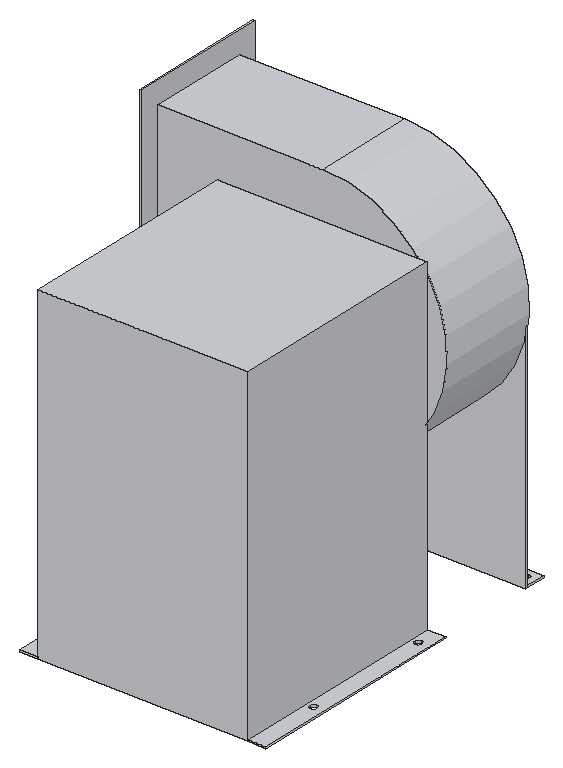
Revit family "CPFB_CCW_THD", category Mechanical Equipment, Revit 2019
Family settings
  Round Connector Dimension = Use Radius
  Part Type = Normal
  Work Plane-Based = No
  Always vertical = Yes
  Cut with Voids When Loaded = No
  Shared = No
  Room Calculation Point = No
Parameters (values of type "100-CPFB_CCW_THD")
  Z = 0' - 4 5/8"
  Y = 0' - 8 5/8"
  X = 1' - 2 1/16"
  W+M = W + M  # 1' - 5 1/8"
  W+1.5+K+L = W + 0' 1 1/2" + K + L  # 2' - 1 3/4"
  W+1.5 = W + 0' 1 1/2"  # 0' - 5 1/2"
  W = 0' - 4"
  V = 0' - 8"
  Unit Weight [instance] = ""
  U-.125 = U - 0' 0 1/8"  # 0' - 1 1/2"
  U = 0' - 1 5/8"
  T = 0' - 0 3/4"
  Sones [instance] = ""
  S/2 = S / 2  # 0' - 0 9/32"
  S = 0' - 0 9/16"
  R = 0' - 0 3/4"
  Q = 0' - 3"
  P-U-B = P - U - B  # 1' - 5 13/16"
  P-U = P - U  # 2' - 4 3/4"
  P = 2' - 6 3/8"
  N = 0' - 9 3/8"
  Motor RPM [instance] = ""
  Motor Enclosure [instance] = ""
  ModelID [instance] = ""
  M = 1' - 1 1/8"
  LwA [instance] = ""
  L = 0' - 10 1/4"
  K = 0' - 10"
  J = 0' - 10 3/4"
  H = 2' - 1 1/4"
  G-V = G - V  # 0' - 1 3/8"
  G = 0' - 9 3/8"
  Fan RPM [instance] = ""
  F-.125 = F - 0' 0 1/8"  # 1' - 0 5/8"
  F = 1' - 0 3/4"
  E-F = E - F  # 0' - 9 1/2"
  E = 1' - 10 1/4"
  D = 1' - 6"
  C/8*7 = C / 8 * 2.5  # 0' - 4 53/128"
  C/8 = C / 6  # 0' - 2.35417"
  C/2 = C / 2  # 0' - 7 1/16"
  C = 1' - 2 1/8"
  Brake Hp [instance] = ""
  B = 0' - 10 15/16"
  Accessories [instance] = ""
  A+.25 = A + 0' 0 1/4"  # 0' - 7 13/16"
  A = 0' - 7 9/16"
  CUT = 0' - 3 1/2"
  1'8" = 1' - 8"  # constant formula
  0 = 0' - 0"  # constant formula
  Voltage [instance] = 0 V
  URL = "www.lorencook.com"
  Type Comments = "Foward Curved Centrifugal Blower Counter-Clockwise Top Horizontal Arrangement 10"  # constant formula
  Static Pressure [instance] = 0.00 in-wg
  Power [instance] = Voltage * Motor FLA * sqrt(if(Phase = 3, 3, 1))  # 0 VA
  Phase [instance] = 0
  Number of Poles [instance] = 1
  Motor Hp [instance] = "0"
  Motor FLA [instance] = 0 A
  Model = "CPFB_CCW_THD"  # constant formula
  Manufacturer = "Loren Cook Company"
  CFM [instance] = 0 CFM
  1.5 = 0' - 1 1/2"  # constant formula
  ONE EIGTH = 0' - 0 1/8"  # constant formula
  -1.5 = -0' - 1 1/2"  # constant formula
  -.125 = -0' - 0 1/8"  # constant formula
  -(A+.25) = -(A + 0' 0 1/4")  # -0' - 7 13/16"
  (C/2)-1.5 = (C / 2) - 0' 1 1/2"  # 0' - 5 9/16"
  (C/2)-.25 = (C / 2) - 0' 0 1/4"  # 0' - 6 13/16"
Types (9): name | Z | Y | X | W+M | W+1.5+K+L | W+1.5 | W | V | U-.125 | U | T | S/2 | S | R | Q | P-U-B | P-U | P | N | M | L | K | J | H | G-V | G | F-.125 | F | E-F | E | D | C/8*7 | C/8 | C/2 | C | B | A+.25 | A | CUT | -(A+.25) | (C/2)-1.5 | (C/2)-.25
  (no name) | 0' - 4 5/8" | 0' - 8 5/8" | 1' - 2 1/16" | 1' - 5 1/8" | 2' - 1 3/4" | 0' - 5 1/2" | 0' - 4" | 0' - 8" | 0' - 1 1/2" | 0' - 1 5/8" | 0' - 0 3/4" | 0' - 0 9/32" | 0' - 0 9/16" | 0' - 0 3/4" | 0' - 3" | 1' - 5 13/16" | 2' - 4 3/4" | 2' - 6 3/8" | 0' - 9 3/8" | 1' - 1 1/8" | 0' - 10 1/4" | 0' - 10" | 0' - 10 3/4" | 2' - 1 1/4" | 0' - 1 3/8" | 0' - 9 3/8" | 1' - 0 5/8" | 1' - 0 3/4" | 0' - 9 1/2" | 1' - 10 1/4" | 1' - 6" | 0' - 4 53/128" | 0' - 2.35417" | 0' - 7 1/16" | 1' - 2 1/8" | 0' - 10 15/16" | 0' - 7 13/16" | 0' - 7 9/16" | 0' - 3 1/2" | -0' - 7 13/16" | 0' - 5 9/16" | 0' - 6 13/16"
  150-CPFB_CCW_THD | 0' - 6 9/16" | 0' - 8 5/8" | 1' - 7 5/8" | 1' - 7 1/8" | 2' - 7 5/8" | 0' - 5 1/2" | 0' - 4" | 0' - 8" | 0' - 1 1/2" | 0' - 1 5/8" | 0' - 0 3/4" | 0' - 0 9/32" | 0' - 0 9/16" | 0' - 0 3/4" | 0' - 3" | 1' - 7 1/16" | 2' - 11 1/2" | 3' - 1 1/8" | 1' - 1 1/4" | 1' - 3 1/8" | 1' - 2 1/8" | 1' - 0" | 1' - 2 5/8" | 2' - 5 1/16" | 0' - 1 3/8" | 0' - 9 3/8" | 1' - 3 3/16" | 1' - 3 5/16" | 1' - 2 1/4" | 2' - 5 9/16" | 1' - 7 1/16" | 0' - 5 125/128" | 0' - 3 3/16" | 0' - 9 9/16" | 1' - 7 1/8" | 1' - 4 7/16" | 0' - 11 11/16" | 0' - 11 7/16" | 0' - 2" | -0' - 11 11/16" | 0' - 8 1/16" | 0' - 9 5/16"
  180-CPFB_CCW_THD | 0' - 7 3/4" | 0' - 9 5/8" | 1' - 10 7/8" | 1' - 7 1/8" | 2' - 9 15/16" | 0' - 5 1/2" | 0' - 4" | 0' - 9" | 0' - 1 1/2" | 0' - 1 5/8" | 0' - 0 3/4" | 0' - 0 9/32" | 0' - 0 9/16" | 0' - 1" | 0' - 3" | 1' - 9 13/16" | 3' - 5 1/2" | 3' - 7 1/8" | 1' - 3 9/16" | 1' - 3 1/8" | 1' - 4 7/16" | 1' - 0" | 1' - 4 15/16" | 2' - 9 9/16" | 0' - 1 3/8" | 0' - 10 3/8" | 1' - 5 1/2" | 1' - 5 5/8" | 1' - 5 1/8" | 2' - 10 3/4" | 1' - 10 1/16" | 0' - 7 23/256" | 0' - 3 25/32" | 0' - 11 11/32" | 1' - 10 11/16" | 1' - 7 11/16" | 1' - 2" | 1' - 1 3/4" | 0' - 2" | -1' - 2" | 0' - 9 27/32" | 0' - 11 3/32"
  220-CPFB_CCW_THD | 0' - 9 7/16" | 0' - 11 1/8" | 2' - 3 13/16" | 1' - 11 1/8" | 3' - 5 3/8" | 0' - 6 1/2" | 0' - 5" | 0' - 10 1/2" | 0' - 1 1/2" | 0' - 1 5/8" | 0' - 0 3/4" | 0' - 0 9/32" | 0' - 0 9/16" | 0' - 1" | 0' - 4" | 2' - 2 3/4" | 4' - 3 3/8" | 4' - 5" | 1' - 7" | 1' - 6 1/8" | 1' - 7 7/8" | 1' - 3" | 1' - 8 7/16" | 3' - 5" | 0' - 1 3/8" | 0' - 11 7/8" | 1' - 8 1/2" | 1' - 8 5/8" | 1' - 9 3/8" | 3' - 6" | 2' - 3" | 0' - 8 147/256" | 0' - 4.57292" | 1' - 1 23/32" | 2' - 3 7/16" | 2' - 0 5/8" | 1' - 5 7/16" | 1' - 5 3/16" | 0' - 2" | -1' - 5 7/16" | 1' - 0 7/32" | 1' - 1 15/32"
  250-CPFB_CCW_THD | 0' - 10 1/2" | 1' - 0 3/8" | 2' - 7" | 1' - 11 1/8" | 3' - 7 3/16" | 0' - 6 1/2" | 0' - 5" | 0' - 11 1/2" | 0' - 2" | 0' - 2 1/8" | 0' - 1" | 0' - 0 11/32" | 0' - 0 11/16" | 0' - 1" | 0' - 4" | 2' - 5 5/16" | 4' - 8 1/8" | 4' - 10 1/4" | 1' - 9 1/16" | 1' - 6 1/8" | 1' - 9 11/16" | 1' - 3" | 1' - 11" | 3' - 8 5/8" | 0' - 1 7/8" | 1' - 1 3/8" | 1' - 9 5/8" | 1' - 9 3/4" | 1' - 11 5/16" | 3' - 9 1/16" | 2' - 5 5/8" | 0' - 9 51/256" | 0' - 4 29/32" | 1' - 2 23/32" | 2' - 5 7/16" | 2' - 2 13/16" | 1' - 7" | 1' - 6 3/4" | 0' - 2" | -1' - 7" | 1' - 1 7/32" | 1' - 2 15/32"
  270-CPFB_CCW_THD | 0' - 11 7/16" | 1' - 1 3/8" | 2' - 9 3/4" | 2' - 2 1/8" | 4' - 0 1/16" | 0' - 6 1/2" | 0' - 5" | 1' - 0 1/2" | 0' - 2" | 0' - 2 1/8" | 0' - 1" | 0' - 0 11/32" | 0' - 0 11/16" | 0' - 1" | 0' - 4" | 2' - 8 1/16" | 5' - 1 5/8" | 5' - 3 3/4" | 1' - 10 15/16" | 1' - 9 1/8" | 1' - 11 9/16" | 1' - 6" | 2' - 0 7/8" | 4' - 0 7/8" | 0' - 1 7/8" | 1' - 2 3/8" | 1' - 11 1/4" | 1' - 11 3/8" | 2' - 1 11/16" | 4' - 1 1/16" | 2' - 8 3/8" | 0' - 9 251/256" | 0' - 5.32292" | 1' - 3 31/32" | 2' - 7 15/16" | 2' - 5 9/16" | 1' - 8 7/8" | 1' - 8 5/8" | 0' - 2 1/4" | -1' - 8 7/8" | 1' - 2 15/32" | 1' - 3 23/32"
  300-CPFB_CCW_THD | 1' - 0 5/8" | 1' - 2 5/16" | 3' - 1" | 2' - 2 3/16" | 4' - 2 1/2" | 0' - 6 1/2" | 0' - 5" | 1' - 1 1/2" | 0' - 2" | 0' - 2 1/8" | 0' - 1" | 0' - 0 11/32" | 0' - 0 11/16" | 0' - 1 3/16" | 0' - 4" | 3' - 0 5/16" | 5' - 9 1/8" | 5' - 11 1/4" | 2' - 1 5/16" | 1' - 9 3/16" | 2' - 2" | 1' - 6" | 2' - 3 3/16" | 4' - 5 5/8" | 0' - 1 13/16" | 1' - 3 5/16" | 2' - 1 3/4" | 2' - 1 7/8" | 2' - 4 1/2" | 4' - 6 3/8" | 2' - 11 5/8" | 0' - 10 235/256" | 0' - 5.82292" | 1' - 5 15/32" | 2' - 10 15/16" | 2' - 8 13/16" | 1' - 11 3/16" | 1' - 10 15/16" | 0' - 2 1/2" | -1' - 11 3/16" | 1' - 3 31/32" | 1' - 5 7/32"
  120-CPFB_CCW_THD | 0' - 5 7/16" | 0' - 8 5/8" | 1' - 4 5/16" | 1' - 5 1/8" | 2' - 3 3/8" | 0' - 5 1/2" | 0' - 4" | 0' - 8" | 0' - 1 1/2" | 0' - 1 5/8" | 0' - 0 3/4" | 0' - 0 9/32" | 0' - 0 9/16" | 0' - 0 3/4" | 0' - 3" | 1' - 5 13/16" | 2' - 6 15/16" | 2' - 8 9/16" | 0' - 11" | 1' - 1 1/8" | 0' - 11 7/8" | 0' - 10" | 1' - 0 3/8" | 2' - 2 1/4" | 0' - 1 3/8" | 0' - 9 3/8" | 1' - 1 1/4" | 1' - 1 3/8" | 0' - 11 7/16" | 2' - 0 13/16" | 1' - 6" | 0' - 5 5/128" | 0' - 2 11/16" | 0' - 8 1/16" | 1' - 4 1/8" | 1' - 1 1/8" | 0' - 9 7/16" | 0' - 9 3/16" | 0' - 2 1/2" | -0' - 9 7/16" | 0' - 6 9/16" | 0' - 7 13/16"
  100-CPFB_CCW_THD | 0' - 4 5/8" | 0' - 8 5/8" | 1' - 2 1/16" | 1' - 5 1/8" | 2' - 1 3/4" | 0' - 5 1/2" | 0' - 4" | 0' - 8" | 0' - 1 1/2" | 0' - 1 5/8" | 0' - 0 3/4" | 0' - 0 9/32" | 0' - 0 9/16" | 0' - 0 3/4" | 0' - 3" | 1' - 5 13/16" | 2' - 4 3/4" | 2' - 6 3/8" | 0' - 9 3/8" | 1' - 1 1/8" | 0' - 10 1/4" | 0' - 10" | 0' - 10 3/4" | 2' - 1 1/4" | 0' - 1 3/8" | 0' - 9 3/8" | 1' - 0 5/8" | 1' - 0 3/4" | 0' - 9 1/2" | 1' - 10 1/4" | 1' - 6" | 0' - 4 53/128" | 0' - 2.35417" | 0' - 7 1/16" | 1' - 2 1/8" | 0' - 10 15/16" | 0' - 7 13/16" | 0' - 7 9/16" | 0' - 3 1/2" | -0' - 7 13/16" | 0' - 5 9/16" | 0' - 6 13/16"
Reference planes (in)
  plane 1 "Center (Front/Back)": y = 0
  plane 2: z = 0
  plane 3 "Center (Left/Right)": x = 0.40541
Forms (in)
  Extrusion 1, solid
    sketch origin (0, 0, 0) x (1, 0, 0) y (0, 1, 0)
      loop
        line (-7.59459, 0) -> (-7.59459, -17.125) -> (8.40541, -17.125) -> (8.40541, 0) -> (-7.59459, 0)
    from 0 to 25.25 <- "H"
  Extrusion 2, solid
    sketch origin (0, 0, 0) x (1, 0, 0) y (0, 1, 0)
      loop
        line (-7.59459, 0) -> (-8.96959, 0) -> (-8.96959, -17.125) -> (-7.59459, -17.125) -> (-7.59459, 0)
      loop
        line (8.40541, 0) -> (8.40541, -17.125) -> (9.78041, -17.125) -> (9.78041, 0) -> (8.40541, 0)
    from 0 to 0.125 <- "ONE EIGTH"
  Extrusion 3, solid
    sketch origin (0, 0, 0) x (1, 0, 0) y (0, 1, 0)
      loop
        line (-8.96959, 9.375) -> (-8.96959, 7.8125) -> (9.78041, 7.8125) -> (9.78041, 9.375) -> (-8.96959, 9.375)
    from 0 to 0.125 <- "ONE EIGTH"
  Extrusion 4, solid
    sketch origin (9.78041, 7.8125, 0) x (-1, 0, 0) y (0, 0, -1)
      loop
        line (18.75, 0) -> (0, 0) -> (0, -18) -> (18.75, -18) -> (18.75, 0)
    from 0 to 0.125 <- "ONE EIGTH"
  Extrusion 5, void
    sketch origin (9.78041, 7.8125, 0) x (1, 0, 0) y (0, 0, -1)
      loop
        circle (-9.375, -18) r 7.0625
    from -0.125 <- "-.125" to 0 <- "0"
  Extrusion 6, void
    sketch origin (0, 0, 0) x (1, 0, 0) y (0, 1, 0)
      loop
        circle (9.03041, -1.625) r 0.28125
      loop
        circle (9.03041, -11.625) r 0.28125
      loop
        circle (-8.21959, -11.625) r 0.28125
      loop
        circle (-8.21959, -1.625) r 0.28125
    from -12 to 12
  Extrusion 7, void
    sketch origin (0, 0, 0) x (1, 0, 0) y (0, 1, 0)
      loop
        circle (9.03041, 8.625) r 0.28125
      loop
        circle (-8.21959, 8.625) r 0.28125
    from -0.125 <- "-.125" to 0.125 <- "ONE EIGTH"
  Extrusion 8, solid
    sketch origin (9.78041, 7.6875, 0) x (-1, 0, 0) y (0, 0, -1)
      loop
        circle (9.375, -18) r 7.0625
      loop
        circle (9.375, -18) r 6.8125
    from 0 to -1.5 <- "-1.5"
  Extrusion 9, solid
    sketch origin (0.81082, 0, 0) x (-1, 0, 0) y (0, 0, -1)
      loop
        line (13.15541, -17.8125) -> (9.79602, -17.8125)
        arc (9.79602, -17.8125) -> (-6.80244, -13.06155) -> (0.40541, -28.75) r 9.5
        line (0.40541, -28.75) -> (13.15541, -28.75) -> (13.15541, -17.8125)
    from 0 to -7.8125 <- "-(A+.25)"
  Extrusion 10, solid
    sketch origin (0.40541, 0, 0) x (0, 1, 0) y (0, 0, -1)
      loop
        line (9.3125, -30.375) -> (9.3125, -16.3125) -> (-1.4375, -16.3125) -> (-1.4375, -30.375) -> (9.3125, -30.375)
    from 12.625 <- "F-.125" to 12.75 <- "F"
  Revolve 11, void
    sketch origin (0.40541, 0, 0) x (0, 1, 0) y (0, 0, 1)
      loop
        line (7.8125, 18) -> (7.8125, 23.5625) -> (5.45833, 22.41406) -> (5.45833, 18) -> (7.8125, 18)
      axis (7.8125, 18) -> (5.45833, 18)
    angle from 0 to 360
  Extrusion 12, void
    sketch origin (0.81082, 0, 0) x (1, 0, 0) y (0, 0, -1)
      loop
        line (-16.65541, -17.8125) -> (-13.15541, -17.8125) -> (-13.15541, -16.3125) -> (-13.03041, -16.3125) -> (-13.03041, -17.8125) -> (-9.65541, -17.8125) -> (-9.65541, 2.1875) -> (-16.65541, 2.1875) -> (-16.65541, -17.8125)
    from 0 to 7.8125 <- "A+.25"
Cuts and joins
  Extrusion 5, Extrusion 7, Revolve 11 cuts Extrusion 4
  Extrusion 6 cuts Extrusion 1
  Extrusion 6 cuts Extrusion 2
  Extrusion 7 cuts Extrusion 3
  Revolve 11 cuts Extrusion 8
  Revolve 11, Extrusion 12 cuts Extrusion 9
  Extrusion 12 cuts Extrusion 10
Dimensions and locks (in)
  "0": Extrusion 1 sketch curve to plane 1 "Center (Front/Back)"
  "W+M": plane 1 "Center (Front/Back)" to Extrusion 1 sketch curve
  "V": plane 3 "Center (Left/Right)" to Extrusion 1 sketch curve
  "V": Extrusion 1 sketch curve to plane 3 "Center (Left/Right)"
  "0": Extrusion 2 sketch curve to plane 1 "Center (Front/Back)"  (x2)
  "0": Extrusion 1 to Extrusion 2 sketch curve  (x2)
  "0": Extrusion 2 sketch curve to Extrusion 1  (x2)
  "G-V": Extrusion 2 sketch curve to Extrusion 2 sketch curve  (x2)
  "N": plane 1 "Center (Front/Back)" to Extrusion 3 sketch curve
  "A+.25": Extrusion 3 sketch curve to plane 1 "Center (Front/Back)"
  "0": Extrusion 2 to Extrusion 3 sketch curve  (x2)
  "0": Extrusion 1 to Extrusion 4 sketch curve
  "D": Extrusion 4 sketch curve to Extrusion 4 sketch curve
  "0": Extrusion 4 sketch curve to Extrusion 2  (x2)
  "D": Extrusion 1 to Extrusion 5 sketch curve
  "V": Extrusion 1 to Extrusion 5 sketch curve
  "Y": plane 3 "Center (Left/Right)" to Extrusion 6 sketch curve  (x2)
  "Y": Extrusion 6 sketch curve to plane 3 "Center (Left/Right)"  (x2)
  "W+1.5": Extrusion 1 to Extrusion 6 sketch curve  (x2)
  "K": Extrusion 6 sketch curve to Extrusion 6 sketch curve  (x2)
  "W+1.5+K+L": cut or joined group of Extrusion 1, Extrusion 6 to Extrusion 7 sketch curve  (x2)
  "V": cut or joined group of Extrusion 1, Extrusion 6 to Extrusion 8 sketch curve  (x2)
  "D": Extrusion 8 sketch curve to cut or joined group of Extrusion 1, Extrusion 6  (x2)
  "T": Extrusion 7 sketch curve to cut or joined group of Extrusion 3, Extrusion 7
  "T": cut or joined group of Extrusion 3, Extrusion 7 to Extrusion 7 sketch curve
  "B": Extrusion 9 sketch curve to Extrusion 9 sketch curve
  "E": Extrusion 9 sketch curve to Extrusion 9 sketch curve
  "J": Extrusion 10 sketch curve to Extrusion 10 sketch curve
  "X": Extrusion 10 sketch curve to Extrusion 10 sketch curve
  "U-.125": Extrusion 10 sketch curve to Extrusion 9
  "F": Extrusion 9 sketch curve to plane 3 "Center (Left/Right)"
  "P": Extrusion 10 sketch curve to cut or joined group of Extrusion 2, Extrusion 6
  "D": level to Revolve 11 sketch curve
  "D": Revolve 11 sketch curve to level
  "(C/2)-1.5": Revolve 11 sketch curve to Revolve 11 sketch curve
  "C/8*7": Revolve 11 sketch curve to Revolve 11 sketch curve
  "C/8": Revolve 11 sketch curve to Revolve 11 sketch curve
  "0": Revolve 11 sketch curve to cut or joined group of Extrusion 4, Extrusion 5, Extrusion 7, Revolve 11
  "P-U-B": Extrusion 9 sketch curve to level
  "1'8"": Extrusion 12 sketch curve to Extrusion 12 sketch curve
  "CUT": Extrusion 12 sketch curve to Extrusion 10
  "CUT": Extrusion 10 to Extrusion 12 sketch curve
  "0": cut or joined group of Extrusion 9, Revolve 11, Extrusion 12 to Extrusion 12 sketch curve
  "0": Extrusion 12 sketch curve to Extrusion 10  (x2)
  "0": Extrusion 10 to Extrusion 12 sketch curve
  "0": Extrusion 12 sketch curve to Extrusion 12 sketch curve
  "C/2": radius of Extrusion 5 sketch curve
  "S/2": radius of Extrusion 6 sketch curve  (x4)
  "S/2": radius of Extrusion 7 sketch curve  (x2)
  "C/2": radius of Extrusion 8 sketch curve
  "(C/2)-.25": radius of Extrusion 8 sketch curve
  "E-F": radius of Extrusion 9 sketch curve
Automatic sketch dimensions
  Revolve 11 sketch curve to Revolve 11 sketch curve = 0' - 7"
  Revolve 11 sketch curve to Revolve 11 sketch curve = 0' - 6"
Connectors (in)
  electrical at (8.40541, -8.5625, 12.625)
    settings: on cut or joined group of Extrusion 1, Extrusion 6, index 1, voltage 0 V, apparent load 0 VA, apparent load phase1 0 VA, apparent load phase2 0 VA, apparent load phase3 0 VA, power factor 1, load classification "Other", number of poles 1, system type 30, power factor state 1, is connector primary yes, connector utility no, sub classification motor no, connector description ""
  hvac at (0.40541, 9.1875, 18), driven by "C/2"
    settings: on cut or joined group of Extrusion 8, Revolve 11, index 3, duct flow 0 CFM, flow factor 0, pres drop 0.00 in-wg, loss coef 0, conn angle 0.00°, conn width 12", conn height 12", conn diameter 14 1/8", duct sys type 29, conn prof type 0, flow config 0, flow direction 1, loss method 0, conn ref index -1, conn util no, is conn primary yes, conn desc ""
  hvac at (-12.34459, 3.90625, 23.28125), driven by "B", driven by "A"
    settings: on cut or joined group of Extrusion 9, Revolve 11, Extrusion 12, index 4, duct flow 0 CFM, flow factor 0, pres drop 0.00 in-wg, loss coef 0, conn angle 0.00°, conn width 7 9/16", conn height 10 15/16", conn diameter 24", duct sys type 29, conn prof type 1, flow config 0, flow direction 2, loss method 0, conn ref index -1, conn util no, is conn primary no, conn desc ""
